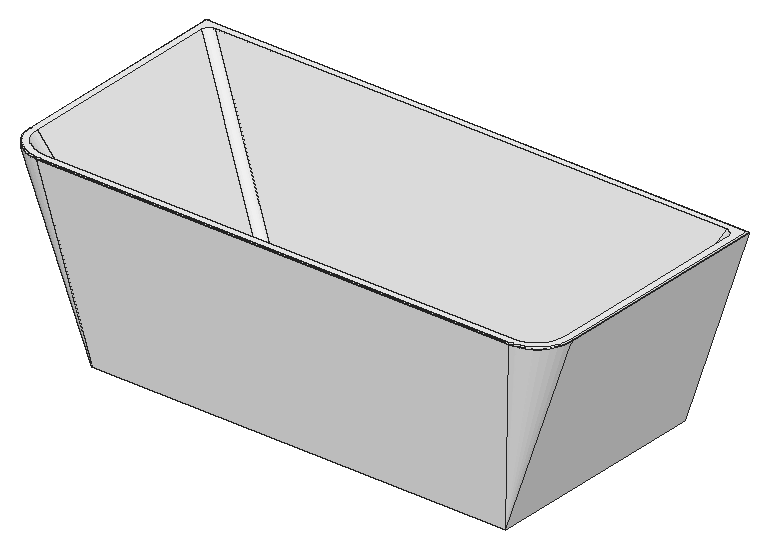
Revit family "Plum Fix_Bath_Argent_Vista 1700 BTW Freestanding", category Plumbing Fixtures, Revit 2016
Family settings
  Part Type = Normal
  Round Connector Dimension = Use Diameter
  OmniClass Number = 23.45.05.14.21
  OmniClass Title = Bathtubs
  Work Plane-Based = No
  Always vertical = Yes
  Cut with Voids When Loaded = Yes
  Shared = No
  Room Calculation Point = No
Parameters (values of type "White")
  Waste Connection = yes
  WFU = 0
  Vent Connection = no
  URL = "https://www.argentaust.com.au/"
  Type Comments = "White Gloss Finish"
  ModifiedIssue_ANZRS = 20190423
  Model = "FS830117"  # constant formula
  Manufacturer_URL__Product Specific = "https://www.argentaust.com.au/argent-baths-freestanding-vista-1700-btw-freestanding-bath?item=9907"
  Manufacturer_Spec Code = Model  # "FS830117"
  Manufacturer_Overall Width = 1700 mm  # constant formula
  Manufacturer_Overall Height = 600 mm  # constant formula
  Manufacturer_Overall Depth = 800 mm  # constant formula
  Manufacturer_Height From FFL [instance] = 0 mm
  Manufacturer = "Argent"  # constant formula
  Keynote = ""
  HWFU = 0
  HW Connection = no
  Description = "Vista 1700 BTW FS Bath N OF"  # constant formula
  CreatedBy_ANZRS = "IGS BIM Solutions"  # constant formula
  CreatedByURL_ANZRS = "https://igsgroup.com.au/"
  Cost = 0
  CWFU = 0
  CW Connection = no
  Body Material = z_Argent_Ceramic White
  Assembly Code = ""
Reference planes
  plane 1 "Ref. Level": z = 0
  plane 2 "Center (Left/Right)": x = -4.48
  plane 3 "Left": x = -854.48
  plane 4 "Right": x = 845.52
  plane 5 "Center (Front/Back)": y = -400.5
  plane 6 "Back": y = -0.5
  plane 7 "Bottom": z = 0
  plane 8 "Front": y = -800.5
  plane 9 "Top": z = 600
  plane 10 "Bottom Offset": z = 120
Forms (mm)
  Revolve 1, void
    sketch origin (4267.2, -400.5, 2852.183) x (0, 0, 1) y (1, 0, 0)
      loop
        line (-2852.183, -4271.68) -> (-2852.183, -4296.68) -> (-2747.183, -4296.68) -> (-2747.183, -4306.68)
        arc (-2747.183, -4306.68) -> (-2744.254, -4313.751) -> (-2737.183, -4316.68) r 10
        line (-2737.183, -4316.68) -> (-2732.183, -4316.68) -> (-2732.183, -4271.68) -> (-2852.183, -4271.68)
      axis (-2732.183, -4271.68) -> (-2852.183, -4271.68)
    angle from 0 to 360
  Blend 2, solid, material "z_Argent_Ceramic White" <- "Body Material"
    base sketch origin (0, 0, 600) x (0, 1, 0) y (-1, 0, 0)
      loop
        line (-0.5, 654.48) -> (-700.5, 654.48) -> (-700.5, -645.52) -> (-0.5, -645.52) -> (-0.5, 654.48)
    top sketch origin (0, 0, 600) x (0, 1, 0) y (-1, 0, 0)
      loop
        line (-0.5, 854.48) -> (-690.5, 854.48)
        arc (-690.5, 854.48) -> (-768.282, 822.262) -> (-800.5, 744.48) r 110
        line (-800.5, 744.48) -> (-800.5, -735.52)
        arc (-800.5, -735.52) -> (-768.282, -813.302) -> (-690.5, -845.52) r 110
        line (-690.5, -845.52) -> (-0.5, -845.52) -> (-0.5, 854.48)
    from -600 to -5
  Blend 3, void
    base sketch origin (0, 0, 600) x (0, 1, 0) y (-1, 0, 0)
      loop
        arc (-150.5, 529.48) -> (-157.822, 547.158) -> (-175.5, 554.48) r 25
        line (-175.5, 554.48) -> (-600.5, 554.48)
        arc (-600.5, 554.48) -> (-635.855, 539.835) -> (-650.5, 504.48) r 50
        line (-650.5, 504.48) -> (-650.5, -495.52)
        arc (-650.5, -495.52) -> (-635.855, -530.875) -> (-600.5, -545.52) r 50
        line (-600.5, -545.52) -> (-175.5, -545.52)
        arc (-175.5, -545.52) -> (-157.822, -538.198) -> (-150.5, -520.52) r 25
        line (-150.5, -520.52) -> (-150.5, 529.48)
    top sketch origin (0, 0, 600) x (0, 1, 0) y (-1, 0, 0)
      loop
        arc (-23.5, 804.48) -> (-31.408, 823.572) -> (-50.5, 831.48) r 27
        line (-50.5, 831.48) -> (-690.5, 831.48)
        arc (-690.5, 831.48) -> (-752.018, 805.998) -> (-777.5, 744.48) r 87
        line (-777.5, 744.48) -> (-777.5, -735.52)
        arc (-777.5, -735.52) -> (-752.018, -797.038) -> (-690.5, -822.52) r 87
        line (-690.5, -822.52) -> (-50.5, -822.52)
        arc (-50.5, -822.52) -> (-31.408, -814.612) -> (-23.5, -795.52) r 27
        line (-23.5, -795.52) -> (-23.5, 804.48)
    from -480 to 0
  Extrusion 4, solid, material "z_Argent_Ceramic White" <- "Body Material"
    sketch origin (0, 0, 600) x (0, 1, 0) y (-1, 0, 0)
      loop
        line (-0.5, 854.48) -> (-690.5, 854.48)
        arc (-690.5, 854.48) -> (-768.282, 822.262) -> (-800.5, 744.48) r 110
        line (-800.5, 744.48) -> (-800.5, -735.52)
        arc (-800.5, -735.52) -> (-768.282, -813.302) -> (-690.5, -845.52) r 110
        line (-690.5, -845.52) -> (-0.5, -845.52) -> (-0.5, 854.48)
      loop
        arc (-25.5, 807.622) -> (-34.982, 822.709) -> (-51.802, 828.595) r 26.979
        line (-51.802, 828.595) -> (-689.563, 828.595)
        arc (-689.563, 828.595) -> (-746.859, 806.935) -> (-775.5, 752.789) r 86.615
        line (-775.5, 752.789) -> (-775.5, -743.829)
        arc (-775.5, -743.829) -> (-746.859, -797.975) -> (-689.563, -819.635) r 86.615
        line (-689.563, -819.635) -> (-51.802, -819.635)
        arc (-51.802, -819.635) -> (-34.982, -813.75) -> (-25.5, -798.662) r 26.979
        line (-25.5, -798.662) -> (-25.5, 807.622)
    from 0 to -5
  Sweep 5, void
    path origin (0, 0, 600) x (0, 1, 0) y (-1, 0, 0)
      loop
        line (-0.5, 854.48) -> (-690.5, 854.48)
        arc (-690.5, 854.48) -> (-768.282, 822.262) -> (-800.5, 744.48) r 110
        line (-800.5, 744.48) -> (-800.5, -735.52)
        arc (-800.5, -735.52) -> (-768.282, -813.302) -> (-690.5, -845.52) r 110
        line (-690.5, -845.52) -> (-0.5, -845.52) -> (-0.5, 854.48)
    profile origin (-4.48, -0.5, 600) x (0, 1, 0) y (0, 0, 1)
      loop
        line (0, 0) -> (-3, 0)
        arc (-3, 0) -> (-0.879, -0.879) -> (0, -3) r 3
        line (0, -3) -> (0, 0)
Cuts and joins
  Revolve 1, Blend 3 cuts Blend 2
  Blend 3, Sweep 5 cuts Extrusion 4
  joined: Blend 2, Extrusion 4
Lines and regions (mm)
  Masking region 1
    outline origin (845.52, 0, 0) x (0, 1, 0) y (0, 0, 1)
      loop
        line (-700.5, 0) -> (-0.5, 0) -> (-0.5, 597)
        arc (-0.5, 597) -> (-1.379, 599.121) -> (-3.5, 600) r 3
        line (-3.5, 600) -> (-797.5, 600)
        arc (-797.5, 600) -> (-799.621, 599.121) -> (-800.5, 597) r 3
        line (-800.5, 597) -> (-800.5, 595) -> (-700.5, 0)
  Masking region 2
    outline origin (0, -800.5, 0) x (0, 0, 1) y (-1, 0, 0)
      loop
        line (0, 654.48) -> (0, -645.52) -> (595, -845.52) -> (597, -845.52)
        arc (597, -845.52) -> (599.121, -844.641) -> (600, -842.52) r 3
        line (600, -842.52) -> (600, 851.48)
        arc (600, 851.48) -> (599.121, 853.601) -> (597, 854.48) r 3
        line (597, 854.48) -> (595, 854.48) -> (0, 654.48)
  Masking region 3
    outline origin (0, 0, 600) x (0, 1, 0) y (-1, 0, 0)
      loop
        arc (-690.5, 854.48) -> (-768.282, 822.262) -> (-800.5, 744.48) r 110
        line (-800.5, 744.48) -> (-800.5, -735.52)
        arc (-800.5, -735.52) -> (-768.282, -813.302) -> (-690.5, -845.52) r 110
        line (-690.5, -845.52) -> (-0.5, -845.52) -> (-0.5, 854.48) -> (-690.5, 854.48)
  symbolic lines, style "Basins/Sinks/Tubs", detail levels medium+fine
    curve 1: circle (-4.48, -400.5, 600) r 25 normal (0, 0, -1)
    curve 3: line (-831.48, -50.5, 600) -> (-831.48, -690.5, 600)
    curve 4: line (795.52, -23.5, 600) -> (-804.48, -23.5, 600)
    curve 5: line (822.52, -690.5, 600) -> (822.52, -50.5, 600)
    curve 6: line (-744.48, -777.5, 600) -> (735.52, -777.5, 600)
    curve 7: arc (-831.48, -690.5, 600) -> (-805.998, -752.018, 600) -> (-744.48, -777.5, 600) r 87
    curve 8: arc (-804.48, -23.5, 600) -> (-823.572, -31.408, 600) -> (-831.48, -50.5, 600) r 27
    curve 9: arc (822.52, -50.5, 600) -> (814.612, -31.408, 600) -> (795.52, -23.5, 600) r 27
    curve 10: arc (735.52, -777.5, 600) -> (797.038, -752.018, 600) -> (822.52, -690.5, 600) r 87
  symbolic lines, style "Basins/Sinks/Tubs", detail levels fine
    curve 2: circle (-4.48, -400.5, 600) r 45 normal (0, 0, -1)
    curve 11: line (520.52, -150.5, 600) -> (-529.48, -150.5, 600)
    curve 12: arc (-529.48, -150.5, 600) -> (-547.158, -157.822, 600) -> (-554.48, -175.5, 600) r 25
    curve 13: line (-554.48, -175.5, 600) -> (-554.48, -600.5, 600)
    curve 14: arc (-554.48, -600.5, 600) -> (-539.835, -635.855, 600) -> (-504.48, -650.5, 600) r 50
    curve 15: line (-504.48, -650.5, 600) -> (495.52, -650.5, 600)
    curve 16: arc (495.52, -650.5, 600) -> (530.875, -635.855, 600) -> (545.52, -600.5, 600) r 50
    curve 17: line (545.52, -600.5, 600) -> (545.52, -175.5, 600)
    curve 18: arc (545.52, -175.5, 600) -> (538.198, -157.822, 600) -> (520.52, -150.5, 600) r 25
Text (mm)
  text "Disclaimer:\n\nDue to ongoing product development and manufacturing evolution, product details are subject to change without notice. Please refer to product technical data sheets on the manufacturer’s website for the most current product information. Please allow a +/- 5mm manufacturing tolerance for dimensions and set-outs shown in product literature." at (971.754, -230.497, 0), in view "Ref. Level_Instruction"
Dimensions and locks
  "Manufacturer_Overall Height": plane 9 "Top" to plane 7 "Bottom"
  equal spacing: plane 3 "Left", plane 2 "Center (Left/Right)", plane 4 "Right"
  "Manufacturer_Overall Width": plane 3 "Left" to plane 4 "Right"
  "Manufacturer_Overall Depth": plane 8 "Front" to plane 6 "Back"
  equal spacing: plane 8 "Front", plane 5 "Center (Front/Back)", plane 6 "Back"
  "Manufacturer_Height From FFL": plane 7 "Bottom" to level
  locked: plane 10 "Bottom Offset" to plane 7 "Bottom" at 120
  aligned and locked: Revolve 1 sketch curve to plane 2 "Center (Left/Right)"
  aligned and locked: plane 7 "Bottom" to Revolve 1 sketch curve
  aligned and locked: plane 7 "Bottom" to Blend 2
  aligned and locked: Blend 3 to Revolve 1
Automatic sketch dimensions
  Revolve 1 sketch curve to plane 2 "Center (Left/Right)" = 0 mm
  Revolve 1 sketch curve to plane 10 "Bottom Offset" = 0 mm
  plane 10 "Bottom Offset" to Revolve 1 sketch curve = 5 mm
  Revolve 1 sketch curve to Revolve 1 sketch curve = 25 mm
  Revolve 1 sketch curve to Revolve 1 sketch curve = 10 mm  (x2)
  Revolve 1 sketch curve to level = 34.494 mm
  Revolve 1 sketch curve to Revolve 1 sketch curve = 163.693 mm
  curve 1 to curve 2 = 0 mm  (x2)
  curve 2 to plane 2 "Center (Left/Right)" = 0 mm
  curve 2 to plane 5 "Center (Front/Back)" = 0 mm
  Blend 2 sketch curve to plane 6 "Back" = 0 mm  (x2)
  plane 3 "Left" to Blend 2 sketch curve = 200 mm
  Blend 2 sketch curve to plane 4 "Right" = 200 mm
  Blend 2 sketch curve to plane 8 "Front" = 100 mm
  Blend 3 sketch curve to plane 8 "Front" = 150 mm
  Blend 3 sketch curve to Blend 3 sketch curve = 50 mm  (x2)
  Blend 3 sketch curve to plane 6 "Back" = 175 mm  (x2)
  Blend 3 sketch curve to Blend 3 sketch curve = 25 mm
  Blend 3 sketch curve to plane 4 "Right" = 300 mm
  plane 3 "Left" to Blend 3 sketch curve = 350 mm
  plane 8 "Front" to Extrusion 4 sketch curve = 0 mm
  Extrusion 4 sketch curve to plane 4 "Right" = 0 mm
  Extrusion 4 sketch curve to plane 3 "Left" = 0 mm
  Extrusion 4 sketch curve to plane 6 "Back" = 0 mm
  Extrusion 4 sketch curve to plane 6 "Back" = 25 mm
  Blend 3 sketch curve to plane 8 "Front" = 23 mm
  plane 3 "Left" to Blend 3 sketch curve = 23 mm
  Blend 3 sketch curve to plane 8 "Front" = 110 mm  (x2)
  Blend 3 sketch curve to plane 4 "Right" = 23 mm
  Blend 3 sketch curve to plane 6 "Back" = 50 mm  (x2)
  Blend 3 sketch curve to plane 6 "Back" = 23 mm
  Extrusion 4 sketch curve to plane 8 "Front" = 25 mm
  Extrusion 4 sketch curve to Extrusion 4 sketch curve = 8.309 mm  (x2)
  Extrusion 4 sketch curve to Extrusion 4 sketch curve = 26.302 mm  (x2)
  Extrusion 4 sketch curve to Extrusion 4 sketch curve = 6.006 mm  (x2)
  plane 3 "Left" to Extrusion 4 sketch curve = 25.885 mm
  Extrusion 4 sketch curve to Extrusion 4 sketch curve = 0.938 mm
  Extrusion 4 sketch curve to Extrusion 4 sketch curve = 2.5 mm  (x2)
  Extrusion 4 sketch curve to plane 4 "Right" = 25.885 mm
  Extrusion 4 sketch curve to Extrusion 4 sketch curve = 0.937 mm
  plane 8 "Front" to Sweep 5 sketch curve = 0 mm
  Sweep 5 sketch curve to plane 3 "Left" = 0 mm
  Sweep 5 sketch curve to plane 4 "Right" = 0 mm
  Sweep 5 sketch curve to plane 6 "Back" = 0 mm
  Sweep 5 sketch curve to plane 4 "Right" = 110 mm
  Sweep 5 sketch curve to plane 8 "Front" = 110 mm
  Sweep 5 sketch curve to profile plane = 0 mm  (x2)
  Sweep 5 sketch curve to Sweep 5 sketch curve = 3 mm  (x2)
  plane 9 "Top" to Sweep 5 sketch curve = 3 mm
  plane 9 "Top" to Sweep 5 sketch curve = 0 mm  (x2)
  plane 8 "Front" to Blend 2 sketch curve = 0 mm
  Blend 2 sketch curve to plane 3 "Left" = 0 mm
  Blend 2 sketch curve to plane 4 "Right" = 0 mm
  Blend 2 sketch curve to Blend 2 sketch curve = 110 mm
  Blend 2 sketch curve to plane 8 "Front" = 110 mm
  plane 8 "Front" to Masking region 3 sketch curve = 0 mm
  Masking region 3 sketch curve to plane 3 "Left" = 0 mm
  Masking region 3 sketch curve to Masking region 3 sketch curve = 110 mm
  Masking region 3 sketch curve to plane 4 "Right" = 110 mm
  Masking region 3 sketch curve to plane 4 "Right" = 0 mm
  Masking region 3 sketch curve to plane 6 "Back" = 0 mm
  curve 7 to plane 8 "Front" = 110 mm
  curve 6 to plane 8 "Front" = 23 mm
  plane 3 "Left" to curve 6 = 110 mm
  curve 5 to plane 4 "Right" = 23 mm
  curve 4 to plane 6 "Back" = 23 mm
  curve 6 to plane 4 "Right" = 110 mm
  curve 5 to curve 4 = 27 mm
  curve 4 to curve 3 = 27 mm
  Masking region 2 sketch curve to plane 7 "Bottom" = 0 mm
  Masking region 2 sketch curve to plane 3 "Left" = 0 mm
  plane 3 "Left" to Masking region 2 sketch curve = 200 mm
  Masking region 2 sketch curve to plane 4 "Right" = 200 mm
  Masking region 2 sketch curve to plane 4 "Right" = 0 mm
  Masking region 2 sketch curve to Masking region 2 sketch curve = 2 mm  (x2)
  Masking region 2 sketch curve to plane 9 "Top" = 0 mm
  Masking region 2 sketch curve to plane 4 "Right" = 3 mm
  plane 3 "Left" to Masking region 2 sketch curve = 3 mm
  Masking region 1 sketch curve to plane 8 "Front" = 0 mm
  plane 9 "Top" to Masking region 1 sketch curve = 0 mm
  plane 7 "Bottom" to Masking region 1 sketch curve = 0 mm
  Masking region 1 sketch curve to plane 6 "Back" = 0 mm
  Masking region 1 sketch curve to Masking region 1 sketch curve = 3 mm
  Masking region 1 sketch curve to plane 8 "Front" = 100 mm
  Masking region 1 sketch curve to plane 6 "Back" = 3 mm
  Masking region 1 sketch curve to Masking region 1 sketch curve = 2 mm
  curve 12 to plane 6 "Back" = 175 mm
  curve 12 to curve 11 = 25 mm
  curve 12 to curve 8 = 275 mm
  curve 13 to plane 5 "Center (Front/Back)" = 200 mm
  curve 14 to curve 14 = 50 mm
  curve 10 to curve 15 = 240 mm
  curve 15 to curve 16 = 50 mm
  curve 17 to curve 11 = 25 mm
  radius of curve 1 = 25 mm
  radius of curve 2 = 45 mm
Connectors
  piping at (-4.48, -400.5, 0), diameter 50
    settings: on cut or joined group of Revolve 1, Blend 2, Blend 3, Extrusion 4, Sweep 5, index 1, connector inside diameter 609.6 mm, connector length 0 mm, flow factor 0, pipe flow 0.000 L/s, pressure drop 0.0 Pa, fitting loss kfactor 0, connector angle 0.00°, fixture units 0, engagement length 0 mm, angle of deflection 0.00°, flow configuration 2, flow direction 2, fitting loss method 4, system type 16, joint type 0, gender type 0, connector reference index -1, connector utility 0, adjustable connector no, is connector primary yes, connector description "Waste Outlet"
